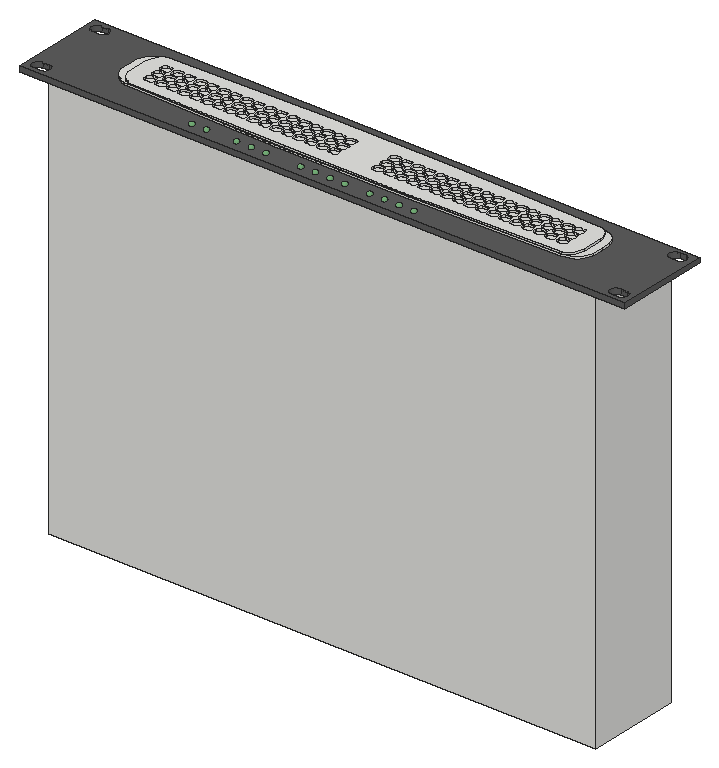
Revit family "Electronics_Amplifiers_Biamp_Vocia_VA-2060e__", category Communication Devices, host Face, Revit 2020
Family settings
  Host = Face
  Maintain Annotation Orientation = No
  Round Connector Dimension = Use Diameter
  Part Type = Normal
  OmniClass Number = 23.85.10.11.14.14.17
  OmniClass Title = Sound Amplifiers
  Cut with Voids When Loaded = Yes
  Shared = No
  Room Calculation Point = No
Parameters (values of type "VA-2060e")
  Width = 19.00"  # constant formula
  Weight = 24.90 lbf  # constant formula
  Voltage = 120 V
  URL = "https://www.biamp.com/"
  Total Output Power = "2 x 60W RMS, 120W maximum"  # constant formula
  Temperature Range = "23 - 104° F (-5 - 40° C)"  # constant formula
  THD+N = "50Hz-100Hz: < 0.5%; 100Hz-10kHz: < 0.3%"  # constant formula
  Signal to Noise Ratio = "> 88 dB, unweighted"  # constant formula
  Product data url = "https://www.bimobject.com/biamp/product/vocia-va-2060e_amplifier"
  Product Page URL = "https://www.biamp.com/products/product-families/vocia/vocia-amplifiers#vocia-va-2060e"
  Product Documentation Link = "https://downloads.biamp.com/assets/docs/default-source/data-sheets/biamp_data_sheet_vocia_va-2060e_oct18.pdf"
  Power Factor = 1
  Number of Poles = 1
  Network Connection = "RJ-45 with shielded Ethernet (CAT5, CAT5e, CAT6 or CAT7"  # constant formula
  Model = "Vocia VA-2060e"  # constant formula
  Memory = "5.625 MB"  # constant formula
  Max Power Consumption = 60 W
  Manufacturer = "Biamp"  # constant formula
  Inputs = "20 bits, 48 kHz, 5-1/3 ms (fixed)"  # constant formula
  Humidity = "0-95% relative humidity (non-condensing)"  # constant formula
  Housing Material = Biamp - Metal - Silver
  Height = 3.25"  # constant formula
  Frequency Response = "± 2dB"  # constant formula
  Description = "Vocia® VA-2060e Amplifier"  # constant formula
  Depth = 14.19922"  # constant formula
  Default Elevation = 48.00"
  Connector Description = "100-240VAC; 50/60Hz"  # constant formula
  Compliance = "EN 54-16 certified FCC Part 15B (USA) CE marked (Europe) RCM (Australia) EAC (Eurasian Customs Union) RoHS. Directive (Europe) RINA (Italy) EN 60849, AS 60849 verified"  # constant formula
  Back Panel = yes
  Assembly Code = ""
  Apparent Load = Max Power Consumption / Power Factor  # 60 VA
  Altitude = "0-10,000 ft (0-3000m) MSL"  # constant formula
Reference planes (in)
  plane 1 "Center (Front/Back)": y = 0
  plane 2: z = 0
  plane 3 "Center (Left/Right)": x = 0
  plane 4: y = 1.625
  plane 5: y = -1.625
  plane 6: x = 20.06192
  plane 7: y = 1.28165
  plane 8: y = -1.28041
Dimensions and locks (in)
  equal spacing: plane 5, plane 1 "Center (Front/Back)", plane 4
  "Height": plane 5 to plane 4
  aligned and locked: plane 2 to host face
  aligned and locked: level to host face
Automatic sketch dimensions
  host sketch curve to host sketch curve = 96.00"  (x2)
Nested families (in)
  nested 1: "VA-2060" at (10.03141, -1.625, -6.93265) x (1, 0, 0) z (0, 1, 0), type "VA-2060"
Connectors (in)
  electrical at (17.57593, 0.29866, -13.7612), driven by "Number of Poles", driven by "Voltage", driven by "Apparent Load", driven by "Power Factor", driven by "Connector Description"
    settings: on nested 1, index 1, voltage 120 V, apparent load 0 VA, apparent load phase1 60 VA, apparent load phase2 0 VA, apparent load phase3 0 VA, power factor 1, load classification "Other", number of poles 1, system type 31, power factor state 1, is connector primary yes, connector utility no, sub classification motor no, connector description "100-240VAC; 50/60Hz"
  electrical at (13.83873, -0.98373, -13.7612)
    settings: on nested 1, index 4, voltage 0 V, apparent load 0 VA, apparent load phase1 0 VA, apparent load phase2 0 VA, apparent load phase3 0 VA, power factor 1, load classification "Other", number of poles 1, system type 5, power factor state 1, is connector primary no, connector utility no, sub classification motor no, connector description "RJ-45; Primary"
  electrical at (13.05748, -0.98373, -13.7612)
    settings: on nested 1, index 5, voltage 0 V, apparent load 0 VA, apparent load phase1 0 VA, apparent load phase2 0 VA, apparent load phase3 0 VA, power factor 1, load classification "Other", number of poles 1, system type 5, power factor state 1, is connector primary no, connector utility no, sub classification motor no, connector description "RJ-45; Secondary"
  electrical at (9.79695, -1.08764, -13.7612)
    settings: on nested 1, index 8, voltage 0 V, apparent load 0 VA, apparent load phase1 0 VA, apparent load phase2 0 VA, apparent load phase3 0 VA, power factor 1, load classification "Other", number of poles 1, system type 5, power factor state 1, is connector primary no, connector utility no, sub classification motor no, connector description "Page Active Relay 2b"
  electrical at (9.31542, -1.08764, -13.7612)
    settings: on nested 1, index 9, voltage 0 V, apparent load 0 VA, apparent load phase1 0 VA, apparent load phase2 0 VA, apparent load phase3 0 VA, power factor 1, load classification "Other", number of poles 1, system type 5, power factor state 1, is connector primary no, connector utility no, sub classification motor no, connector description "Page Active Relay 2a"
  electrical at (8.83526, -1.08764, -13.7612)
    settings: on nested 1, index 10, voltage 0 V, apparent load 0 VA, apparent load phase1 0 VA, apparent load phase2 0 VA, apparent load phase3 0 VA, power factor 1, load classification "Other", number of poles 1, system type 5, power factor state 1, is connector primary no, connector utility no, sub classification motor no, connector description "Page Active Relay 1b"
  electrical at (8.3526, -1.08764, -13.7612)
    settings: on nested 1, index 11, voltage 0 V, apparent load 0 VA, apparent load phase1 0 VA, apparent load phase2 0 VA, apparent load phase3 0 VA, power factor 1, load classification "Other", number of poles 1, system type 5, power factor state 1, is connector primary no, connector utility no, sub classification motor no, connector description "Page Active Relay 1a"
  electrical at (2.62594, -0.80499, -13.7612)
    settings: on nested 1, index 13, voltage 0 V, apparent load 0 VA, apparent load phase1 0 VA, apparent load phase2 0 VA, apparent load phase3 0 VA, power factor 1, load classification "Other", number of poles 1, system type 5, power factor state 1, is connector primary no, connector utility no, sub classification motor no, connector description "Output 2"
  electrical at (1.32818, -0.80499, -13.7612)
    settings: on nested 1, index 14, voltage 0 V, apparent load 0 VA, apparent load phase1 0 VA, apparent load phase2 0 VA, apparent load phase3 0 VA, power factor 1, load classification "Other", number of poles 1, system type 5, power factor state 1, is connector primary no, connector utility no, sub classification motor no, connector description "Output 1"
  electrical at (17.27012, -0.98373, -13.7612), driven by "Power Factor", driven by "Number of Poles"
    settings: on nested 1, index 15, voltage 24 V, apparent load 0 VA, apparent load phase1 0 VA, apparent load phase2 0 VA, apparent load phase3 0 VA, power factor 1, load classification "Other", number of poles 1, system type 30, power factor state 1, is connector primary no, connector utility no, sub classification motor no, connector description "Auxiliary Power 2; 24V DC"
  electrical at (16.70334, -0.98373, -13.7612), driven by "Power Factor", driven by "Number of Poles"
    settings: on nested 1, index 16, voltage 24 V, apparent load 0 VA, apparent load phase1 0 VA, apparent load phase2 0 VA, apparent load phase3 0 VA, power factor 1, load classification "Other", number of poles 1, system type 30, power factor state 1, is connector primary no, connector utility no, sub classification motor no, connector description "Auxiliary Power 1; 24V DC"
  electrical at (9.63519, -0.36213, -13.7612)
    settings: on nested 1, index 17, voltage 0 V, apparent load 0 VA, apparent load phase1 0 VA, apparent load phase2 0 VA, apparent load phase3 0 VA, power factor 1, load classification "Other", number of poles 1, system type 5, power factor state 1, is connector primary no, connector utility no, sub classification motor no, connector description "Analog Input 2"
  electrical at (8.74724, -0.36213, -13.7612)
    settings: on nested 1, index 18, voltage 0 V, apparent load 0 VA, apparent load phase1 0 VA, apparent load phase2 0 VA, apparent load phase3 0 VA, power factor 1, load classification "Other", number of poles 1, system type 5, power factor state 1, is connector primary no, connector utility no, sub classification motor no, connector description "Analog Input 1"
  electrical at (7.53015, -0.99844, -13.7612)
    settings: on nested 1, index 19, voltage 0 V, apparent load 0 VA, apparent load phase1 0 VA, apparent load phase2 0 VA, apparent load phase3 0 VA, power factor 1, load classification "Other", number of poles 1, system type 5, power factor state 1, is connector primary no, connector utility no, sub classification motor no, connector description "Failover"
Definition of nested family "VA-2060"
  Parameters (values of type "VA-2060")
    URL = ""
    Model = ""
    Material 2 = none
    Manufacturer = ""
    Housing Material = none
    Description = ""
    Default Elevation = 48.00"
    Case = yes
    Back Panel = no
    Assembly Code = ""
  Reference planes (in)
    plane 1 "Center (Front/Back)": y = 0
    plane 2: z = 0
    plane 3 "Center (Left/Right)": x = 0
  Forms (in)
    Extrusion 1, solid
      sketch origin (0, 0, 0) x (1, 0, 0) y (0, 1, 0)
        loop
          line (-48, 48) -> (-48, -48) -> (48, -48) -> (48, 48) -> (-48, 48)
      from 0 to -12
    Extrusion 2, solid, material <- "Housing Material", visible <- "Case"
      sketch origin (0, 0, 0) x (1, 0, 0) y (0, 1, 0)
        loop
          line (-9.5, 7.09961) -> (-9.5, -6.93265) -> (9.5, -6.93265) -> (9.5, 7.09961) -> (-9.5, 7.09961)
      from 0 to 3.25
    Extrusion 3, solid
      sketch origin (0, 0, 0) x (1, 0, 0) y (0, 1, 0)
        loop
          line (-10.5, -7.09961) -> (10.5, -7.09961) -> (10.5, -6.93265) -> (-10.5, -6.93265) -> (-10.5, -7.09961)
      from 0 to 3.25
    Extrusion 4, solid, material <- "Housing Material", detail levels medium+fine
      sketch origin (0, 0, 0) x (1, 0, 0) y (0, 0, 1)
        loop
          arc (-0.58953, 2.21061) -> (-0.62863, 2.305) -> (-0.72301, 2.34409) r 0.13348
          line (-0.72301, 2.34409) -> (-0.81412, 2.34409)
          arc (-0.81412, 2.34409) -> (-0.90851, 2.305) -> (-0.9476, 2.21061) r 0.13348
          line (-0.9476, 2.21061) -> (-0.9476, 2.16963)
          arc (-0.9476, 2.16963) -> (-0.90669, 2.07086) -> (-0.80792, 2.02994) r 0.13968
          line (-0.80792, 2.02994) -> (-0.72922, 2.02994)
          arc (-0.72922, 2.02994) -> (-0.63044, 2.07086) -> (-0.58953, 2.16963) r 0.13968
          line (-0.58953, 2.16963) -> (-0.58953, 2.21061)
        loop
          arc (-0.98953, 2.21061) -> (-1.02863, 2.305) -> (-1.12301, 2.34409) r 0.13348
          line (-1.12301, 2.34409) -> (-1.21412, 2.34409)
          arc (-1.21412, 2.34409) -> (-1.30851, 2.305) -> (-1.3476, 2.21061) r 0.13348
          line (-1.3476, 2.21061) -> (-1.3476, 2.16963)
          arc (-1.3476, 2.16963) -> (-1.30669, 2.07086) -> (-1.20792, 2.02994) r 0.13968
          line (-1.20792, 2.02994) -> (-1.12922, 2.02994)
          arc (-1.12922, 2.02994) -> (-1.03044, 2.07086) -> (-0.98953, 2.16963) r 0.13968
          line (-0.98953, 2.16963) -> (-0.98953, 2.21061)
        loop
          arc (-1.38953, 2.21061) -> (-1.42863, 2.305) -> (-1.52301, 2.34409) r 0.13348
          line (-1.52301, 2.34409) -> (-1.61412, 2.34409)
          arc (-1.61412, 2.34409) -> (-1.70851, 2.305) -> (-1.7476, 2.21061) r 0.13348
          line (-1.7476, 2.21061) -> (-1.7476, 2.16963)
          arc (-1.7476, 2.16963) -> (-1.70669, 2.07086) -> (-1.60792, 2.02994) r 0.13968
          line (-1.60792, 2.02994) -> (-1.52922, 2.02994)
          arc (-1.52922, 2.02994) -> (-1.43044, 2.07086) -> (-1.38953, 2.16963) r 0.13968
          line (-1.38953, 2.16963) -> (-1.38953, 2.21061)
        loop
          arc (-1.78953, 2.21061) -> (-1.82863, 2.305) -> (-1.92301, 2.34409) r 0.13348
          line (-1.92301, 2.34409) -> (-2.01412, 2.34409)
          arc (-2.01412, 2.34409) -> (-2.10851, 2.305) -> (-2.1476, 2.21061) r 0.13348
          line (-2.1476, 2.21061) -> (-2.1476, 2.16963)
          arc (-2.1476, 2.16963) -> (-2.10669, 2.07086) -> (-2.00792, 2.02994) r 0.13968
          line (-2.00792, 2.02994) -> (-1.92922, 2.02994)
          arc (-1.92922, 2.02994) -> (-1.83044, 2.07086) -> (-1.78953, 2.16963) r 0.13968
          line (-1.78953, 2.16963) -> (-1.78953, 2.21061)
        loop
          arc (-2.18953, 2.21061) -> (-2.22863, 2.305) -> (-2.32301, 2.34409) r 0.13348
          line (-2.32301, 2.34409) -> (-2.41412, 2.34409)
          arc (-2.41412, 2.34409) -> (-2.50851, 2.305) -> (-2.5476, 2.21061) r 0.13348
          line (-2.5476, 2.21061) -> (-2.5476, 2.16963)
          arc (-2.5476, 2.16963) -> (-2.50669, 2.07086) -> (-2.40792, 2.02994) r 0.13968
          line (-2.40792, 2.02994) -> (-2.32922, 2.02994)
          arc (-2.32922, 2.02994) -> (-2.23044, 2.07086) -> (-2.18953, 2.16963) r 0.13968
          line (-2.18953, 2.16963) -> (-2.18953, 2.21061)
        loop
          arc (-2.58953, 2.21061) -> (-2.62863, 2.305) -> (-2.72301, 2.34409) r 0.13348
          line (-2.72301, 2.34409) -> (-2.81412, 2.34409)
          arc (-2.81412, 2.34409) -> (-2.90851, 2.305) -> (-2.9476, 2.21061) r 0.13348
          line (-2.9476, 2.21061) -> (-2.9476, 2.16963)
          arc (-2.9476, 2.16963) -> (-2.90669, 2.07086) -> (-2.80792, 2.02994) r 0.13968
          line (-2.80792, 2.02994) -> (-2.72922, 2.02994)
          arc (-2.72922, 2.02994) -> (-2.63044, 2.07086) -> (-2.58953, 2.16963) r 0.13968
          line (-2.58953, 2.16963) -> (-2.58953, 2.21061)
        loop
          arc (-2.98953, 2.21061) -> (-3.02863, 2.305) -> (-3.12301, 2.34409) r 0.13348
          line (-3.12301, 2.34409) -> (-3.21412, 2.34409)
          arc (-3.21412, 2.34409) -> (-3.30851, 2.305) -> (-3.3476, 2.21061) r 0.13348
          line (-3.3476, 2.21061) -> (-3.3476, 2.16963)
          arc (-3.3476, 2.16963) -> (-3.30669, 2.07086) -> (-3.20792, 2.02994) r 0.13968
          line (-3.20792, 2.02994) -> (-3.12922, 2.02994)
          arc (-3.12922, 2.02994) -> (-3.03044, 2.07086) -> (-2.98953, 2.16963) r 0.13968
          line (-2.98953, 2.16963) -> (-2.98953, 2.21061)
        loop
          arc (-3.38953, 2.21061) -> (-3.42863, 2.305) -> (-3.52301, 2.34409) r 0.13348
          line (-3.52301, 2.34409) -> (-3.61412, 2.34409)
          arc (-3.61412, 2.34409) -> (-3.70851, 2.305) -> (-3.7476, 2.21061) r 0.13348
          line (-3.7476, 2.21061) -> (-3.7476, 2.16963)
          arc (-3.7476, 2.16963) -> (-3.70669, 2.07086) -> (-3.60792, 2.02994) r 0.13968
          line (-3.60792, 2.02994) -> (-3.52922, 2.02994)
          arc (-3.52922, 2.02994) -> (-3.43044, 2.07086) -> (-3.38953, 2.16963) r 0.13968
          line (-3.38953, 2.16963) -> (-3.38953, 2.21061)
        loop
          arc (-3.78953, 2.21061) -> (-3.82863, 2.305) -> (-3.92301, 2.34409) r 0.13348
          line (-3.92301, 2.34409) -> (-4.01412, 2.34409)
          arc (-4.01412, 2.34409) -> (-4.10851, 2.305) -> (-4.1476, 2.21061) r 0.13348
          line (-4.1476, 2.21061) -> (-4.1476, 2.16963)
          arc (-4.1476, 2.16963) -> (-4.10669, 2.07086) -> (-4.00792, 2.02994) r 0.13968
          line (-4.00792, 2.02994) -> (-3.92922, 2.02994)
          arc (-3.92922, 2.02994) -> (-3.83044, 2.07086) -> (-3.78953, 2.16963) r 0.13968
          line (-3.78953, 2.16963) -> (-3.78953, 2.21061)
        loop
          arc (-4.18953, 2.21061) -> (-4.22863, 2.305) -> (-4.32301, 2.34409) r 0.13348
          line (-4.32301, 2.34409) -> (-4.41412, 2.34409)
          arc (-4.41412, 2.34409) -> (-4.50851, 2.305) -> (-4.5476, 2.21061) r 0.13348
          line (-4.5476, 2.21061) -> (-4.5476, 2.16963)
          arc (-4.5476, 2.16963) -> (-4.50669, 2.07086) -> (-4.40792, 2.02994) r 0.13968
          line (-4.40792, 2.02994) -> (-4.32922, 2.02994)
          arc (-4.32922, 2.02994) -> (-4.23044, 2.07086) -> (-4.18953, 2.16963) r 0.13968
          line (-4.18953, 2.16963) -> (-4.18953, 2.21061)
        loop
          arc (-4.58953, 2.21061) -> (-4.62863, 2.305) -> (-4.72301, 2.34409) r 0.13348
          line (-4.72301, 2.34409) -> (-4.81412, 2.34409)
          arc (-4.81412, 2.34409) -> (-4.90851, 2.305) -> (-4.9476, 2.21061) r 0.13348
          line (-4.9476, 2.21061) -> (-4.9476, 2.16963)
          arc (-4.9476, 2.16963) -> (-4.90669, 2.07086) -> (-4.80792, 2.02994) r 0.13968
          line (-4.80792, 2.02994) -> (-4.72922, 2.02994)
          arc (-4.72922, 2.02994) -> (-4.63044, 2.07086) -> (-4.58953, 2.16963) r 0.13968
          line (-4.58953, 2.16963) -> (-4.58953, 2.21061)
        loop
          arc (-4.98953, 2.21061) -> (-5.02863, 2.305) -> (-5.12301, 2.34409) r 0.13348
          line (-5.12301, 2.34409) -> (-5.21412, 2.34409)
          arc (-5.21412, 2.34409) -> (-5.30851, 2.305) -> (-5.3476, 2.21061) r 0.13348
          line (-5.3476, 2.21061) -> (-5.3476, 2.16963)
          arc (-5.3476, 2.16963) -> (-5.30669, 2.07086) -> (-5.20792, 2.02994) r 0.13968
          line (-5.20792, 2.02994) -> (-5.12922, 2.02994)
          arc (-5.12922, 2.02994) -> (-5.03044, 2.07086) -> (-4.98953, 2.16963) r 0.13968
          line (-4.98953, 2.16963) -> (-4.98953, 2.21061)
        loop
          arc (-5.38953, 2.21061) -> (-5.42863, 2.305) -> (-5.52301, 2.34409) r 0.13348
          line (-5.52301, 2.34409) -> (-5.61412, 2.34409)
          arc (-5.61412, 2.34409) -> (-5.70851, 2.305) -> (-5.7476, 2.21061) r 0.13348
          line (-5.7476, 2.21061) -> (-5.7476, 2.16963)
          arc (-5.7476, 2.16963) -> (-5.70669, 2.07086) -> (-5.60792, 2.02994) r 0.13968
          line (-5.60792, 2.02994) -> (-5.52922, 2.02994)
          arc (-5.52922, 2.02994) -> (-5.43044, 2.07086) -> (-5.38953, 2.16963) r 0.13968
          line (-5.38953, 2.16963) -> (-5.38953, 2.21061)
        loop
          arc (-5.78953, 2.21061) -> (-5.82863, 2.305) -> (-5.92301, 2.34409) r 0.13348
          line (-5.92301, 2.34409) -> (-6.01412, 2.34409)
          arc (-6.01412, 2.34409) -> (-6.10851, 2.305) -> (-6.1476, 2.21061) r 0.13348
          line (-6.1476, 2.21061) -> (-6.1476, 2.16963)
          arc (-6.1476, 2.16963) -> (-6.10669, 2.07086) -> (-6.00792, 2.02994) r 0.13968
          line (-6.00792, 2.02994) -> (-5.92922, 2.02994)
          arc (-5.92922, 2.02994) -> (-5.83044, 2.07086) -> (-5.78953, 2.16963) r 0.13968
          line (-5.78953, 2.16963) -> (-5.78953, 2.21061)
        loop
          arc (-6.18953, 2.21061) -> (-6.22863, 2.305) -> (-6.32301, 2.34409) r 0.13348
          line (-6.32301, 2.34409) -> (-6.41412, 2.34409)
          arc (-6.41412, 2.34409) -> (-6.50851, 2.305) -> (-6.5476, 2.21061) r 0.13348
          line (-6.5476, 2.21061) -> (-6.5476, 2.16963)
          arc (-6.5476, 2.16963) -> (-6.50669, 2.07086) -> (-6.40792, 2.02994) r 0.13968
          line (-6.40792, 2.02994) -> (-6.32922, 2.02994)
          arc (-6.32922, 2.02994) -> (-6.23044, 2.07086) -> (-6.18953, 2.16963) r 0.13968
          line (-6.18953, 2.16963) -> (-6.18953, 2.21061)
        loop
          arc (-6.58953, 2.21061) -> (-6.62863, 2.305) -> (-6.72301, 2.34409) r 0.13348
          line (-6.72301, 2.34409) -> (-6.81412, 2.34409)
          arc (-6.81412, 2.34409) -> (-6.90851, 2.305) -> (-6.9476, 2.21061) r 0.13348
          line (-6.9476, 2.21061) -> (-6.9476, 2.16963)
          arc (-6.9476, 2.16963) -> (-6.90669, 2.07086) -> (-6.80792, 2.02994) r 0.13968
          line (-6.80792, 2.02994) -> (-6.72922, 2.02994)
          arc (-6.72922, 2.02994) -> (-6.63044, 2.07086) -> (-6.58953, 2.16963) r 0.13968
          line (-6.58953, 2.16963) -> (-6.58953, 2.21061)
        loop
          arc (-6.98953, 2.21061) -> (-7.02863, 2.305) -> (-7.12301, 2.34409) r 0.13348
          line (-7.12301, 2.34409) -> (-7.21412, 2.34409)
          arc (-7.21412, 2.34409) -> (-7.30851, 2.305) -> (-7.3476, 2.21061) r 0.13348
          line (-7.3476, 2.21061) -> (-7.3476, 2.16963)
          arc (-7.3476, 2.16963) -> (-7.30669, 2.07086) -> (-7.20792, 2.02994) r 0.13968
          line (-7.20792, 2.02994) -> (-7.12922, 2.02994)
          arc (-7.12922, 2.02994) -> (-7.03044, 2.07086) -> (-6.98953, 2.16963) r 0.13968
          line (-6.98953, 2.16963) -> (-6.98953, 2.21061)
        loop
          arc (-0.58953, 1.86061) -> (-0.62863, 1.955) -> (-0.72301, 1.99409) r 0.13348
          line (-0.72301, 1.99409) -> (-0.81412, 1.99409)
          arc (-0.81412, 1.99409) -> (-0.90851, 1.955) -> (-0.9476, 1.86061) r 0.13348
          line (-0.9476, 1.86061) -> (-0.9476, 1.81963)
          arc (-0.9476, 1.81963) -> (-0.90669, 1.72086) -> (-0.80792, 1.67994) r 0.13968
          line (-0.80792, 1.67994) -> (-0.72922, 1.67994)
          arc (-0.72922, 1.67994) -> (-0.63044, 1.72086) -> (-0.58953, 1.81963) r 0.13968
          line (-0.58953, 1.81963) -> (-0.58953, 1.86061)
        loop
          arc (-0.98953, 1.86061) -> (-1.02863, 1.955) -> (-1.12301, 1.99409) r 0.13348
          line (-1.12301, 1.99409) -> (-1.21412, 1.99409)
          arc (-1.21412, 1.99409) -> (-1.30851, 1.955) -> (-1.3476, 1.86061) r 0.13348
          line (-1.3476, 1.86061) -> (-1.3476, 1.81963)
          arc (-1.3476, 1.81963) -> (-1.30669, 1.72086) -> (-1.20792, 1.67994) r 0.13968
          line (-1.20792, 1.67994) -> (-1.12922, 1.67994)
          arc (-1.12922, 1.67994) -> (-1.03044, 1.72086) -> (-0.98953, 1.81963) r 0.13968
          line (-0.98953, 1.81963) -> (-0.98953, 1.86061)
        loop
          arc (-1.38953, 1.86061) -> (-1.42863, 1.955) -> (-1.52301, 1.99409) r 0.13348
          line (-1.52301, 1.99409) -> (-1.61412, 1.99409)
          arc (-1.61412, 1.99409) -> (-1.70851, 1.955) -> (-1.7476, 1.86061) r 0.13348
          line (-1.7476, 1.86061) -> (-1.7476, 1.81963)
          arc (-1.7476, 1.81963) -> (-1.70669, 1.72086) -> (-1.60792, 1.67994) r 0.13968
          line (-1.60792, 1.67994) -> (-1.52922, 1.67994)
          arc (-1.52922, 1.67994) -> (-1.43044, 1.72086) -> (-1.38953, 1.81963) r 0.13968
          line (-1.38953, 1.81963) -> (-1.38953, 1.86061)
        loop
          arc (-1.78953, 1.86061) -> (-1.82863, 1.955) -> (-1.92301, 1.99409) r 0.13348
          line (-1.92301, 1.99409) -> (-2.01412, 1.99409)
          arc (-2.01412, 1.99409) -> (-2.10851, 1.955) -> (-2.1476, 1.86061) r 0.13348
          line (-2.1476, 1.86061) -> (-2.1476, 1.81963)
          arc (-2.1476, 1.81963) -> (-2.10669, 1.72086) -> (-2.00792, 1.67994) r 0.13968
          line (-2.00792, 1.67994) -> (-1.92922, 1.67994)
          arc (-1.92922, 1.67994) -> (-1.83044, 1.72086) -> (-1.78953, 1.81963) r 0.13968
          line (-1.78953, 1.81963) -> (-1.78953, 1.86061)
        loop
          arc (-2.18953, 1.86061) -> (-2.22863, 1.955) -> (-2.32301, 1.99409) r 0.13348
          line (-2.32301, 1.99409) -> (-2.41412, 1.99409)
          arc (-2.41412, 1.99409) -> (-2.50851, 1.955) -> (-2.5476, 1.86061) r 0.13348
          line (-2.5476, 1.86061) -> (-2.5476, 1.81963)
          arc (-2.5476, 1.81963) -> (-2.50669, 1.72086) -> (-2.40792, 1.67994) r 0.13968
          line (-2.40792, 1.67994) -> (-2.32922, 1.67994)
          arc (-2.32922, 1.67994) -> (-2.23044, 1.72086) -> (-2.18953, 1.81963) r 0.13968
          line (-2.18953, 1.81963) -> (-2.18953, 1.86061)
        loop
          arc (-2.58953, 1.86061) -> (-2.62863, 1.955) -> (-2.72301, 1.99409) r 0.13348
          line (-2.72301, 1.99409) -> (-2.81412, 1.99409)
          arc (-2.81412, 1.99409) -> (-2.90851, 1.955) -> (-2.9476, 1.86061) r 0.13348
          line (-2.9476, 1.86061) -> (-2.9476, 1.81963)
          arc (-2.9476, 1.81963) -> (-2.90669, 1.72086) -> (-2.80792, 1.67994) r 0.13968
          line (-2.80792, 1.67994) -> (-2.72922, 1.67994)
          arc (-2.72922, 1.67994) -> (-2.63044, 1.72086) -> (-2.58953, 1.81963) r 0.13968
          line (-2.58953, 1.81963) -> (-2.58953, 1.86061)
        loop
          arc (-2.98953, 1.86061) -> (-3.02863, 1.955) -> (-3.12301, 1.99409) r 0.13348
          line (-3.12301, 1.99409) -> (-3.21412, 1.99409)
          arc (-3.21412, 1.99409) -> (-3.30851, 1.955) -> (-3.3476, 1.86061) r 0.13348
          line (-3.3476, 1.86061) -> (-3.3476, 1.81963)
          arc (-3.3476, 1.81963) -> (-3.30669, 1.72086) -> (-3.20792, 1.67994) r 0.13968
          line (-3.20792, 1.67994) -> (-3.12922, 1.67994)
          arc (-3.12922, 1.67994) -> (-3.03044, 1.72086) -> (-2.98953, 1.81963) r 0.13968
          line (-2.98953, 1.81963) -> (-2.98953, 1.86061)
        loop
          arc (-3.38953, 1.86061) -> (-3.42863, 1.955) -> (-3.52301, 1.99409) r 0.13348
          line (-3.52301, 1.99409) -> (-3.61412, 1.99409)
          arc (-3.61412, 1.99409) -> (-3.70851, 1.955) -> (-3.7476, 1.86061) r 0.13348
          line (-3.7476, 1.86061) -> (-3.7476, 1.81963)
          arc (-3.7476, 1.81963) -> (-3.70669, 1.72086) -> (-3.60792, 1.67994) r 0.13968
          line (-3.60792, 1.67994) -> (-3.52922, 1.67994)
          arc (-3.52922, 1.67994) -> (-3.43044, 1.72086) -> (-3.38953, 1.81963) r 0.13968
          line (-3.38953, 1.81963) -> (-3.38953, 1.86061)
        loop
          arc (-3.78953, 1.86061) -> (-3.82863, 1.955) -> (-3.92301, 1.99409) r 0.13348
          line (-3.92301, 1.99409) -> (-4.01412, 1.99409)
          arc (-4.01412, 1.99409) -> (-4.10851, 1.955) -> (-4.1476, 1.86061) r 0.13348
          line (-4.1476, 1.86061) -> (-4.1476, 1.81963)
          arc (-4.1476, 1.81963) -> (-4.10669, 1.72086) -> (-4.00792, 1.67994) r 0.13968
          line (-4.00792, 1.67994) -> (-3.92922, 1.67994)
          arc (-3.92922, 1.67994) -> (-3.83044, 1.72086) -> (-3.78953, 1.81963) r 0.13968
          line (-3.78953, 1.81963) -> (-3.78953, 1.86061)
        loop
          arc (-4.18953, 1.86061) -> (-4.22863, 1.955) -> (-4.32301, 1.99409) r 0.13348
          line (-4.32301, 1.99409) -> (-4.41412, 1.99409)
          arc (-4.41412, 1.99409) -> (-4.50851, 1.955) -> (-4.5476, 1.86061) r 0.13348
          line (-4.5476, 1.86061) -> (-4.5476, 1.81963)
          arc (-4.5476, 1.81963) -> (-4.50669, 1.72086) -> (-4.40792, 1.67994) r 0.13968
          line (-4.40792, 1.67994) -> (-4.32922, 1.67994)
          arc (-4.32922, 1.67994) -> (-4.23044, 1.72086) -> (-4.18953, 1.81963) r 0.13968
          line (-4.18953, 1.81963) -> (-4.18953, 1.86061)
        loop
          arc (-4.58953, 1.86061) -> (-4.62863, 1.955) -> (-4.72301, 1.99409) r 0.13348
          line (-4.72301, 1.99409) -> (-4.81412, 1.99409)
          arc (-4.81412, 1.99409) -> (-4.90851, 1.955) -> (-4.9476, 1.86061) r 0.13348
          line (-4.9476, 1.86061) -> (-4.9476, 1.81963)
          arc (-4.9476, 1.81963) -> (-4.90669, 1.72086) -> (-4.80792, 1.67994) r 0.13968
          line (-4.80792, 1.67994) -> (-4.72922, 1.67994)
          arc (-4.72922, 1.67994) -> (-4.63044, 1.72086) -> (-4.58953, 1.81963) r 0.13968
          line (-4.58953, 1.81963) -> (-4.58953, 1.86061)
        loop
          arc (-4.98953, 1.86061) -> (-5.02863, 1.955) -> (-5.12301, 1.99409) r 0.13348
          line (-5.12301, 1.99409) -> (-5.21412, 1.99409)
          arc (-5.21412, 1.99409) -> (-5.30851, 1.955) -> (-5.3476, 1.86061) r 0.13348
          line (-5.3476, 1.86061) -> (-5.3476, 1.81963)
          arc (-5.3476, 1.81963) -> (-5.30669, 1.72086) -> (-5.20792, 1.67994) r 0.13968
          line (-5.20792, 1.67994) -> (-5.12922, 1.67994)
          arc (-5.12922, 1.67994) -> (-5.03044, 1.72086) -> (-4.98953, 1.81963) r 0.13968
          line (-4.98953, 1.81963) -> (-4.98953, 1.86061)
        loop
          arc (-5.38953, 1.86061) -> (-5.42863, 1.955) -> (-5.52301, 1.99409) r 0.13348
          line (-5.52301, 1.99409) -> (-5.61412, 1.99409)
          arc (-5.61412, 1.99409) -> (-5.70851, 1.955) -> (-5.7476, 1.86061) r 0.13348
          line (-5.7476, 1.86061) -> (-5.7476, 1.81963)
          arc (-5.7476, 1.81963) -> (-5.70669, 1.72086) -> (-5.60792, 1.67994) r 0.13968
          line (-5.60792, 1.67994) -> (-5.52922, 1.67994)
          arc (-5.52922, 1.67994) -> (-5.43044, 1.72086) -> (-5.38953, 1.81963) r 0.13968
          line (-5.38953, 1.81963) -> (-5.38953, 1.86061)
        loop
          arc (-5.78953, 1.86061) -> (-5.82863, 1.955) -> (-5.92301, 1.99409) r 0.13348
          line (-5.92301, 1.99409) -> (-6.01412, 1.99409)
          arc (-6.01412, 1.99409) -> (-6.10851, 1.955) -> (-6.1476, 1.86061) r 0.13348
          line (-6.1476, 1.86061) -> (-6.1476, 1.81963)
          arc (-6.1476, 1.81963) -> (-6.10669, 1.72086) -> (-6.00792, 1.67994) r 0.13968
          line (-6.00792, 1.67994) -> (-5.92922, 1.67994)
          arc (-5.92922, 1.67994) -> (-5.83044, 1.72086) -> (-5.78953, 1.81963) r 0.13968
          line (-5.78953, 1.81963) -> (-5.78953, 1.86061)
        loop
          arc (-6.18953, 1.86061) -> (-6.22863, 1.955) -> (-6.32301, 1.99409) r 0.13348
          line (-6.32301, 1.99409) -> (-6.41412, 1.99409)
          arc (-6.41412, 1.99409) -> (-6.50851, 1.955) -> (-6.5476, 1.86061) r 0.13348
          line (-6.5476, 1.86061) -> (-6.5476, 1.81963)
          arc (-6.5476, 1.81963) -> (-6.50669, 1.72086) -> (-6.40792, 1.67994) r 0.13968
          line (-6.40792, 1.67994) -> (-6.32922, 1.67994)
          arc (-6.32922, 1.67994) -> (-6.23044, 1.72086) -> (-6.18953, 1.81963) r 0.13968
          line (-6.18953, 1.81963) -> (-6.18953, 1.86061)
        loop
          arc (-6.58953, 1.86061) -> (-6.62863, 1.955) -> (-6.72301, 1.99409) r 0.13348
          line (-6.72301, 1.99409) -> (-6.81412, 1.99409)
          arc (-6.81412, 1.99409) -> (-6.90851, 1.955) -> (-6.9476, 1.86061) r 0.13348
          line (-6.9476, 1.86061) -> (-6.9476, 1.81963)
          arc (-6.9476, 1.81963) -> (-6.90669, 1.72086) -> (-6.80792, 1.67994) r 0.13968
          line (-6.80792, 1.67994) -> (-6.72922, 1.67994)
          arc (-6.72922, 1.67994) -> (-6.63044, 1.72086) -> (-6.58953, 1.81963) r 0.13968
          line (-6.58953, 1.81963) -> (-6.58953, 1.86061)
        loop
          arc (-6.98953, 1.86061) -> (-7.02863, 1.955) -> (-7.12301, 1.99409) r 0.13348
          line (-7.12301, 1.99409) -> (-7.21412, 1.99409)
          arc (-7.21412, 1.99409) -> (-7.30851, 1.955) -> (-7.3476, 1.86061) r 0.13348
          line (-7.3476, 1.86061) -> (-7.3476, 1.81963)
          arc (-7.3476, 1.81963) -> (-7.30669, 1.72086) -> (-7.20792, 1.67994) r 0.13968
          line (-7.20792, 1.67994) -> (-7.12922, 1.67994)
          arc (-7.12922, 1.67994) -> (-7.03044, 1.72086) -> (-6.98953, 1.81963) r 0.13968
          line (-6.98953, 1.81963) -> (-6.98953, 1.86061)
        loop
          arc (-0.58953, 1.51061) -> (-0.62863, 1.605) -> (-0.72301, 1.64409) r 0.13348
          line (-0.72301, 1.64409) -> (-0.81412, 1.64409)
          arc (-0.81412, 1.64409) -> (-0.90851, 1.605) -> (-0.9476, 1.51061) r 0.13348
          line (-0.9476, 1.51061) -> (-0.9476, 1.46963)
          arc (-0.9476, 1.46963) -> (-0.90669, 1.37086) -> (-0.80792, 1.32994) r 0.13968
          line (-0.80792, 1.32994) -> (-0.72922, 1.32994)
          arc (-0.72922, 1.32994) -> (-0.63044, 1.37086) -> (-0.58953, 1.46963) r 0.13968
          line (-0.58953, 1.46963) -> (-0.58953, 1.51061)
        loop
          arc (-0.98953, 1.51061) -> (-1.02863, 1.605) -> (-1.12301, 1.64409) r 0.13348
          line (-1.12301, 1.64409) -> (-1.21412, 1.64409)
          arc (-1.21412, 1.64409) -> (-1.30851, 1.605) -> (-1.3476, 1.51061) r 0.13348
          line (-1.3476, 1.51061) -> (-1.3476, 1.46963)
          arc (-1.3476, 1.46963) -> (-1.30669, 1.37086) -> (-1.20792, 1.32994) r 0.13968
          line (-1.20792, 1.32994) -> (-1.12922, 1.32994)
          arc (-1.12922, 1.32994) -> (-1.03044, 1.37086) -> (-0.98953, 1.46963) r 0.13968
          line (-0.98953, 1.46963) -> (-0.98953, 1.51061)
        loop
          arc (-1.38953, 1.51061) -> (-1.42863, 1.605) -> (-1.52301, 1.64409) r 0.13348
          line (-1.52301, 1.64409) -> (-1.61412, 1.64409)
          arc (-1.61412, 1.64409) -> (-1.70851, 1.605) -> (-1.7476, 1.51061) r 0.13348
          line (-1.7476, 1.51061) -> (-1.7476, 1.46963)
          arc (-1.7476, 1.46963) -> (-1.70669, 1.37086) -> (-1.60792, 1.32994) r 0.13968
          line (-1.60792, 1.32994) -> (-1.52922, 1.32994)
          arc (-1.52922, 1.32994) -> (-1.43044, 1.37086) -> (-1.38953, 1.46963) r 0.13968
          line (-1.38953, 1.46963) -> (-1.38953, 1.51061)
        loop
          arc (-1.78953, 1.51061) -> (-1.82863, 1.605) -> (-1.92301, 1.64409) r 0.13348
          line (-1.92301, 1.64409) -> (-2.01412, 1.64409)
          arc (-2.01412, 1.64409) -> (-2.10851, 1.605) -> (-2.1476, 1.51061) r 0.13348
          line (-2.1476, 1.51061) -> (-2.1476, 1.46963)
          arc (-2.1476, 1.46963) -> (-2.10669, 1.37086) -> (-2.00792, 1.32994) r 0.13968
          line (-2.00792, 1.32994) -> (-1.92922, 1.32994)
          arc (-1.92922, 1.32994) -> (-1.83044, 1.37086) -> (-1.78953, 1.46963) r 0.13968
          line (-1.78953, 1.46963) -> (-1.78953, 1.51061)
        loop
          arc (-2.18953, 1.51061) -> (-2.22863, 1.605) -> (-2.32301, 1.64409) r 0.13348
          line (-2.32301, 1.64409) -> (-2.41412, 1.64409)
          arc (-2.41412, 1.64409) -> (-2.50851, 1.605) -> (-2.5476, 1.51061) r 0.13348
          line (-2.5476, 1.51061) -> (-2.5476, 1.46963)
          arc (-2.5476, 1.46963) -> (-2.50669, 1.37086) -> (-2.40792, 1.32994) r 0.13968
          line (-2.40792, 1.32994) -> (-2.32922, 1.32994)
          arc (-2.32922, 1.32994) -> (-2.23044, 1.37086) -> (-2.18953, 1.46963) r 0.13968
          line (-2.18953, 1.46963) -> (-2.18953, 1.51061)
        loop
          arc (-2.58953, 1.51061) -> (-2.62863, 1.605) -> (-2.72301, 1.64409) r 0.13348
          line (-2.72301, 1.64409) -> (-2.81412, 1.64409)
          arc (-2.81412, 1.64409) -> (-2.90851, 1.605) -> (-2.9476, 1.51061) r 0.13348
          line (-2.9476, 1.51061) -> (-2.9476, 1.46963)
          arc (-2.9476, 1.46963) -> (-2.90669, 1.37086) -> (-2.80792, 1.32994) r 0.13968
          line (-2.80792, 1.32994) -> (-2.72922, 1.32994)
          arc (-2.72922, 1.32994) -> (-2.63044, 1.37086) -> (-2.58953, 1.46963) r 0.13968
          line (-2.58953, 1.46963) -> (-2.58953, 1.51061)
        loop
          arc (-2.98953, 1.51061) -> (-3.02863, 1.605) -> (-3.12301, 1.64409) r 0.13348
          line (-3.12301, 1.64409) -> (-3.21412, 1.64409)
          arc (-3.21412, 1.64409) -> (-3.30851, 1.605) -> (-3.3476, 1.51061) r 0.13348
          line (-3.3476, 1.51061) -> (-3.3476, 1.46963)
          arc (-3.3476, 1.46963) -> (-3.30669, 1.37086) -> (-3.20792, 1.32994) r 0.13968
          line (-3.20792, 1.32994) -> (-3.12922, 1.32994)
          arc (-3.12922, 1.32994) -> (-3.03044, 1.37086) -> (-2.98953, 1.46963) r 0.13968
          line (-2.98953, 1.46963) -> (-2.98953, 1.51061)
        loop
          arc (-3.38953, 1.51061) -> (-3.42863, 1.605) -> (-3.52301, 1.64409) r 0.13348
          line (-3.52301, 1.64409) -> (-3.61412, 1.64409)
          arc (-3.61412, 1.64409) -> (-3.70851, 1.605) -> (-3.7476, 1.51061) r 0.13348
          line (-3.7476, 1.51061) -> (-3.7476, 1.46963)
          arc (-3.7476, 1.46963) -> (-3.70669, 1.37086) -> (-3.60792, 1.32994) r 0.13968
          line (-3.60792, 1.32994) -> (-3.52922, 1.32994)
          arc (-3.52922, 1.32994) -> (-3.43044, 1.37086) -> (-3.38953, 1.46963) r 0.13968
          line (-3.38953, 1.46963) -> (-3.38953, 1.51061)
        loop
          arc (-3.78953, 1.51061) -> (-3.82863, 1.605) -> (-3.92301, 1.64409) r 0.13348
          line (-3.92301, 1.64409) -> (-4.01412, 1.64409)
          arc (-4.01412, 1.64409) -> (-4.10851, 1.605) -> (-4.1476, 1.51061) r 0.13348
          line (-4.1476, 1.51061) -> (-4.1476, 1.46963)
          arc (-4.1476, 1.46963) -> (-4.10669, 1.37086) -> (-4.00792, 1.32994) r 0.13968
          line (-4.00792, 1.32994) -> (-3.92922, 1.32994)
          arc (-3.92922, 1.32994) -> (-3.83044, 1.37086) -> (-3.78953, 1.46963) r 0.13968
          line (-3.78953, 1.46963) -> (-3.78953, 1.51061)
        loop
          arc (-4.18953, 1.51061) -> (-4.22863, 1.605) -> (-4.32301, 1.64409) r 0.13348
          line (-4.32301, 1.64409) -> (-4.41412, 1.64409)
          arc (-4.41412, 1.64409) -> (-4.50851, 1.605) -> (-4.5476, 1.51061) r 0.13348
          line (-4.5476, 1.51061) -> (-4.5476, 1.46963)
          arc (-4.5476, 1.46963) -> (-4.50669, 1.37086) -> (-4.40792, 1.32994) r 0.13968
          line (-4.40792, 1.32994) -> (-4.32922, 1.32994)
          arc (-4.32922, 1.32994) -> (-4.23044, 1.37086) -> (-4.18953, 1.46963) r 0.13968
          line (-4.18953, 1.46963) -> (-4.18953, 1.51061)
        loop
          arc (-4.58953, 1.51061) -> (-4.62863, 1.605) -> (-4.72301, 1.64409) r 0.13348
          line (-4.72301, 1.64409) -> (-4.81412, 1.64409)
          arc (-4.81412, 1.64409) -> (-4.90851, 1.605) -> (-4.9476, 1.51061) r 0.13348
          line (-4.9476, 1.51061) -> (-4.9476, 1.46963)
          arc (-4.9476, 1.46963) -> (-4.90669, 1.37086) -> (-4.80792, 1.32994) r 0.13968
          line (-4.80792, 1.32994) -> (-4.72922, 1.32994)
          arc (-4.72922, 1.32994) -> (-4.63044, 1.37086) -> (-4.58953, 1.46963) r 0.13968
          line (-4.58953, 1.46963) -> (-4.58953, 1.51061)
        loop
          arc (-4.98953, 1.51061) -> (-5.02863, 1.605) -> (-5.12301, 1.64409) r 0.13348
          line (-5.12301, 1.64409) -> (-5.21412, 1.64409)
          arc (-5.21412, 1.64409) -> (-5.30851, 1.605) -> (-5.3476, 1.51061) r 0.13348
          line (-5.3476, 1.51061) -> (-5.3476, 1.46963)
          arc (-5.3476, 1.46963) -> (-5.30669, 1.37086) -> (-5.20792, 1.32994) r 0.13968
          line (-5.20792, 1.32994) -> (-5.12922, 1.32994)
          arc (-5.12922, 1.32994) -> (-5.03044, 1.37086) -> (-4.98953, 1.46963) r 0.13968
          line (-4.98953, 1.46963) -> (-4.98953, 1.51061)
        loop
          arc (-5.38953, 1.51061) -> (-5.42863, 1.605) -> (-5.52301, 1.64409) r 0.13348
          line (-5.52301, 1.64409) -> (-5.61412, 1.64409)
          arc (-5.61412, 1.64409) -> (-5.70851, 1.605) -> (-5.7476, 1.51061) r 0.13348
          line (-5.7476, 1.51061) -> (-5.7476, 1.46963)
          arc (-5.7476, 1.46963) -> (-5.70669, 1.37086) -> (-5.60792, 1.32994) r 0.13968
          line (-5.60792, 1.32994) -> (-5.52922, 1.32994)
          arc (-5.52922, 1.32994) -> (-5.43044, 1.37086) -> (-5.38953, 1.46963) r 0.13968
          line (-5.38953, 1.46963) -> (-5.38953, 1.51061)
        loop
          arc (-5.78953, 1.51061) -> (-5.82863, 1.605) -> (-5.92301, 1.64409) r 0.13348
          line (-5.92301, 1.64409) -> (-6.01412, 1.64409)
          arc (-6.01412, 1.64409) -> (-6.10851, 1.605) -> (-6.1476, 1.51061) r 0.13348
          line (-6.1476, 1.51061) -> (-6.1476, 1.46963)
          arc (-6.1476, 1.46963) -> (-6.10669, 1.37086) -> (-6.00792, 1.32994) r 0.13968
          line (-6.00792, 1.32994) -> (-5.92922, 1.32994)
          arc (-5.92922, 1.32994) -> (-5.83044, 1.37086) -> (-5.78953, 1.46963) r 0.13968
          line (-5.78953, 1.46963) -> (-5.78953, 1.51061)
        loop
          arc (-6.18953, 1.51061) -> (-6.22863, 1.605) -> (-6.32301, 1.64409) r 0.13348
          line (-6.32301, 1.64409) -> (-6.41412, 1.64409)
          arc (-6.41412, 1.64409) -> (-6.50851, 1.605) -> (-6.5476, 1.51061) r 0.13348
          line (-6.5476, 1.51061) -> (-6.5476, 1.46963)
          arc (-6.5476, 1.46963) -> (-6.50669, 1.37086) -> (-6.40792, 1.32994) r 0.13968
          line (-6.40792, 1.32994) -> (-6.32922, 1.32994)
          arc (-6.32922, 1.32994) -> (-6.23044, 1.37086) -> (-6.18953, 1.46963) r 0.13968
          line (-6.18953, 1.46963) -> (-6.18953, 1.51061)
        loop
          arc (-6.58953, 1.51061) -> (-6.62863, 1.605) -> (-6.72301, 1.64409) r 0.13348
          line (-6.72301, 1.64409) -> (-6.81412, 1.64409)
          arc (-6.81412, 1.64409) -> (-6.90851, 1.605) -> (-6.9476, 1.51061) r 0.13348
          line (-6.9476, 1.51061) -> (-6.9476, 1.46963)
          arc (-6.9476, 1.46963) -> (-6.90669, 1.37086) -> (-6.80792, 1.32994) r 0.13968
          line (-6.80792, 1.32994) -> (-6.72922, 1.32994)
          arc (-6.72922, 1.32994) -> (-6.63044, 1.37086) -> (-6.58953, 1.46963) r 0.13968
          line (-6.58953, 1.46963) -> (-6.58953, 1.51061)
        loop
          arc (-6.98953, 1.51061) -> (-7.02863, 1.605) -> (-7.12301, 1.64409) r 0.13348
          line (-7.12301, 1.64409) -> (-7.21412, 1.64409)
          arc (-7.21412, 1.64409) -> (-7.30851, 1.605) -> (-7.3476, 1.51061) r 0.13348
          line (-7.3476, 1.51061) -> (-7.3476, 1.46963)
          arc (-7.3476, 1.46963) -> (-7.30669, 1.37086) -> (-7.20792, 1.32994) r 0.13968
          line (-7.20792, 1.32994) -> (-7.12922, 1.32994)
          arc (-7.12922, 1.32994) -> (-7.03044, 1.37086) -> (-6.98953, 1.46963) r 0.13968
          line (-6.98953, 1.46963) -> (-6.98953, 1.51061)
        loop
          line (0.58953, 2.21061) -> (0.58953, 2.16963)
          arc (0.58953, 2.16963) -> (0.63044, 2.07086) -> (0.72922, 2.02994) r 0.13968
          line (0.72922, 2.02994) -> (0.80792, 2.02994)
          arc (0.80792, 2.02994) -> (0.90669, 2.07086) -> (0.9476, 2.16963) r 0.13968
          line (0.9476, 2.16963) -> (0.9476, 2.21061)
          arc (0.9476, 2.21061) -> (0.90851, 2.305) -> (0.81412, 2.34409) r 0.13348
          line (0.81412, 2.34409) -> (0.72301, 2.34409)
          arc (0.72301, 2.34409) -> (0.62863, 2.305) -> (0.58953, 2.21061) r 0.13348
        loop
          line (0.98953, 2.21061) -> (0.98953, 2.16963)
          arc (0.98953, 2.16963) -> (1.03044, 2.07086) -> (1.12922, 2.02994) r 0.13968
          line (1.12922, 2.02994) -> (1.20792, 2.02994)
          arc (1.20792, 2.02994) -> (1.30669, 2.07086) -> (1.3476, 2.16963) r 0.13968
          line (1.3476, 2.16963) -> (1.3476, 2.21061)
          arc (1.3476, 2.21061) -> (1.30851, 2.305) -> (1.21412, 2.34409) r 0.13348
          line (1.21412, 2.34409) -> (1.12301, 2.34409)
          arc (1.12301, 2.34409) -> (1.02863, 2.305) -> (0.98953, 2.21061) r 0.13348
        loop
          line (1.38953, 2.21061) -> (1.38953, 2.16963)
          arc (1.38953, 2.16963) -> (1.43044, 2.07086) -> (1.52922, 2.02994) r 0.13968
          line (1.52922, 2.02994) -> (1.60792, 2.02994)
          arc (1.60792, 2.02994) -> (1.70669, 2.07086) -> (1.7476, 2.16963) r 0.13968
          line (1.7476, 2.16963) -> (1.7476, 2.21061)
          arc (1.7476, 2.21061) -> (1.70851, 2.305) -> (1.61412, 2.34409) r 0.13348
          line (1.61412, 2.34409) -> (1.52301, 2.34409)
          arc (1.52301, 2.34409) -> (1.42863, 2.305) -> (1.38953, 2.21061) r 0.13348
        loop
          line (1.78953, 2.21061) -> (1.78953, 2.16963)
          arc (1.78953, 2.16963) -> (1.83044, 2.07086) -> (1.92922, 2.02994) r 0.13968
          line (1.92922, 2.02994) -> (2.00792, 2.02994)
          arc (2.00792, 2.02994) -> (2.10669, 2.07086) -> (2.1476, 2.16963) r 0.13968
          line (2.1476, 2.16963) -> (2.1476, 2.21061)
          arc (2.1476, 2.21061) -> (2.10851, 2.305) -> (2.01412, 2.34409) r 0.13348
          line (2.01412, 2.34409) -> (1.92301, 2.34409)
          arc (1.92301, 2.34409) -> (1.82863, 2.305) -> (1.78953, 2.21061) r 0.13348
        loop
          line (2.18953, 2.21061) -> (2.18953, 2.16963)
          arc (2.18953, 2.16963) -> (2.23044, 2.07086) -> (2.32922, 2.02994) r 0.13968
          line (2.32922, 2.02994) -> (2.40792, 2.02994)
          arc (2.40792, 2.02994) -> (2.50669, 2.07086) -> (2.5476, 2.16963) r 0.13968
          line (2.5476, 2.16963) -> (2.5476, 2.21061)
          arc (2.5476, 2.21061) -> (2.50851, 2.305) -> (2.41412, 2.34409) r 0.13348
          line (2.41412, 2.34409) -> (2.32301, 2.34409)
          arc (2.32301, 2.34409) -> (2.22863, 2.305) -> (2.18953, 2.21061) r 0.13348
        loop
          line (2.58953, 2.21061) -> (2.58953, 2.16963)
          arc (2.58953, 2.16963) -> (2.63044, 2.07086) -> (2.72922, 2.02994) r 0.13968
          line (2.72922, 2.02994) -> (2.80792, 2.02994)
          arc (2.80792, 2.02994) -> (2.90669, 2.07086) -> (2.9476, 2.16963) r 0.13968
          line (2.9476, 2.16963) -> (2.9476, 2.21061)
          arc (2.9476, 2.21061) -> (2.90851, 2.305) -> (2.81412, 2.34409) r 0.13348
          line (2.81412, 2.34409) -> (2.72301, 2.34409)
          arc (2.72301, 2.34409) -> (2.62863, 2.305) -> (2.58953, 2.21061) r 0.13348
        loop
          line (2.98953, 2.21061) -> (2.98953, 2.16963)
          arc (2.98953, 2.16963) -> (3.03044, 2.07086) -> (3.12922, 2.02994) r 0.13968
          line (3.12922, 2.02994) -> (3.20792, 2.02994)
          arc (3.20792, 2.02994) -> (3.30669, 2.07086) -> (3.3476, 2.16963) r 0.13968
          line (3.3476, 2.16963) -> (3.3476, 2.21061)
          arc (3.3476, 2.21061) -> (3.30851, 2.305) -> (3.21412, 2.34409) r 0.13348
          line (3.21412, 2.34409) -> (3.12301, 2.34409)
          arc (3.12301, 2.34409) -> (3.02863, 2.305) -> (2.98953, 2.21061) r 0.13348
        loop
          line (3.38953, 2.21061) -> (3.38953, 2.16963)
          arc (3.38953, 2.16963) -> (3.43044, 2.07086) -> (3.52922, 2.02994) r 0.13968
          line (3.52922, 2.02994) -> (3.60792, 2.02994)
          arc (3.60792, 2.02994) -> (3.70669, 2.07086) -> (3.7476, 2.16963) r 0.13968
          line (3.7476, 2.16963) -> (3.7476, 2.21061)
          arc (3.7476, 2.21061) -> (3.70851, 2.305) -> (3.61412, 2.34409) r 0.13348
          line (3.61412, 2.34409) -> (3.52301, 2.34409)
          arc (3.52301, 2.34409) -> (3.42863, 2.305) -> (3.38953, 2.21061) r 0.13348
        loop
          line (3.78953, 2.21061) -> (3.78953, 2.16963)
          arc (3.78953, 2.16963) -> (3.83044, 2.07086) -> (3.92922, 2.02994) r 0.13968
          line (3.92922, 2.02994) -> (4.00792, 2.02994)
          arc (4.00792, 2.02994) -> (4.10669, 2.07086) -> (4.1476, 2.16963) r 0.13968
          line (4.1476, 2.16963) -> (4.1476, 2.21061)
          arc (4.1476, 2.21061) -> (4.10851, 2.305) -> (4.01412, 2.34409) r 0.13348
          line (4.01412, 2.34409) -> (3.92301, 2.34409)
          arc (3.92301, 2.34409) -> (3.82863, 2.305) -> (3.78953, 2.21061) r 0.13348
        loop
          line (4.18953, 2.21061) -> (4.18953, 2.16963)
          arc (4.18953, 2.16963) -> (4.23044, 2.07086) -> (4.32922, 2.02994) r 0.13968
          line (4.32922, 2.02994) -> (4.40792, 2.02994)
          arc (4.40792, 2.02994) -> (4.50669, 2.07086) -> (4.5476, 2.16963) r 0.13968
          line (4.5476, 2.16963) -> (4.5476, 2.21061)
          arc (4.5476, 2.21061) -> (4.50851, 2.305) -> (4.41412, 2.34409) r 0.13348
          line (4.41412, 2.34409) -> (4.32301, 2.34409)
          arc (4.32301, 2.34409) -> (4.22863, 2.305) -> (4.18953, 2.21061) r 0.13348
        loop
          line (4.58953, 2.21061) -> (4.58953, 2.16963)
          arc (4.58953, 2.16963) -> (4.63044, 2.07086) -> (4.72922, 2.02994) r 0.13968
          line (4.72922, 2.02994) -> (4.80792, 2.02994)
          arc (4.80792, 2.02994) -> (4.90669, 2.07086) -> (4.9476, 2.16963) r 0.13968
          line (4.9476, 2.16963) -> (4.9476, 2.21061)
          arc (4.9476, 2.21061) -> (4.90851, 2.305) -> (4.81412, 2.34409) r 0.13348
          line (4.81412, 2.34409) -> (4.72301, 2.34409)
          arc (4.72301, 2.34409) -> (4.62863, 2.305) -> (4.58953, 2.21061) r 0.13348
        loop
          line (4.98953, 2.21061) -> (4.98953, 2.16963)
          arc (4.98953, 2.16963) -> (5.03044, 2.07086) -> (5.12922, 2.02994) r 0.13968
          line (5.12922, 2.02994) -> (5.20792, 2.02994)
          arc (5.20792, 2.02994) -> (5.30669, 2.07086) -> (5.3476, 2.16963) r 0.13968
          line (5.3476, 2.16963) -> (5.3476, 2.21061)
          arc (5.3476, 2.21061) -> (5.30851, 2.305) -> (5.21412, 2.34409) r 0.13348
          line (5.21412, 2.34409) -> (5.12301, 2.34409)
          arc (5.12301, 2.34409) -> (5.02863, 2.305) -> (4.98953, 2.21061) r 0.13348
        loop
          line (5.38953, 2.21061) -> (5.38953, 2.16963)
          arc (5.38953, 2.16963) -> (5.43044, 2.07086) -> (5.52922, 2.02994) r 0.13968
          line (5.52922, 2.02994) -> (5.60792, 2.02994)
          arc (5.60792, 2.02994) -> (5.70669, 2.07086) -> (5.7476, 2.16963) r 0.13968
          line (5.7476, 2.16963) -> (5.7476, 2.21061)
          arc (5.7476, 2.21061) -> (5.70851, 2.305) -> (5.61412, 2.34409) r 0.13348
          line (5.61412, 2.34409) -> (5.52301, 2.34409)
          arc (5.52301, 2.34409) -> (5.42863, 2.305) -> (5.38953, 2.21061) r 0.13348
        loop
          line (5.78953, 2.21061) -> (5.78953, 2.16963)
          arc (5.78953, 2.16963) -> (5.83044, 2.07086) -> (5.92922, 2.02994) r 0.13968
          line (5.92922, 2.02994) -> (6.00792, 2.02994)
          arc (6.00792, 2.02994) -> (6.10669, 2.07086) -> (6.1476, 2.16963) r 0.13968
          line (6.1476, 2.16963) -> (6.1476, 2.21061)
          arc (6.1476, 2.21061) -> (6.10851, 2.305) -> (6.01412, 2.34409) r 0.13348
          line (6.01412, 2.34409) -> (5.92301, 2.34409)
          arc (5.92301, 2.34409) -> (5.82863, 2.305) -> (5.78953, 2.21061) r 0.13348
        loop
          line (6.18953, 2.21061) -> (6.18953, 2.16963)
          arc (6.18953, 2.16963) -> (6.23044, 2.07086) -> (6.32922, 2.02994) r 0.13968
          line (6.32922, 2.02994) -> (6.40792, 2.02994)
          arc (6.40792, 2.02994) -> (6.50669, 2.07086) -> (6.5476, 2.16963) r 0.13968
          line (6.5476, 2.16963) -> (6.5476, 2.21061)
          arc (6.5476, 2.21061) -> (6.50851, 2.305) -> (6.41412, 2.34409) r 0.13348
          line (6.41412, 2.34409) -> (6.32301, 2.34409)
          arc (6.32301, 2.34409) -> (6.22863, 2.305) -> (6.18953, 2.21061) r 0.13348
        loop
          line (6.58953, 2.21061) -> (6.58953, 2.16963)
          arc (6.58953, 2.16963) -> (6.63044, 2.07086) -> (6.72922, 2.02994) r 0.13968
          line (6.72922, 2.02994) -> (6.80792, 2.02994)
          arc (6.80792, 2.02994) -> (6.90669, 2.07086) -> (6.9476, 2.16963) r 0.13968
          line (6.9476, 2.16963) -> (6.9476, 2.21061)
          arc (6.9476, 2.21061) -> (6.90851, 2.305) -> (6.81412, 2.34409) r 0.13348
          line (6.81412, 2.34409) -> (6.72301, 2.34409)
          arc (6.72301, 2.34409) -> (6.62863, 2.305) -> (6.58953, 2.21061) r 0.13348
        loop
          line (6.98953, 2.21061) -> (6.98953, 2.16963)
          arc (6.98953, 2.16963) -> (7.03044, 2.07086) -> (7.12922, 2.02994) r 0.13968
          line (7.12922, 2.02994) -> (7.20792, 2.02994)
          arc (7.20792, 2.02994) -> (7.30669, 2.07086) -> (7.3476, 2.16963) r 0.13968
          line (7.3476, 2.16963) -> (7.3476, 2.21061)
          arc (7.3476, 2.21061) -> (7.30851, 2.305) -> (7.21412, 2.34409) r 0.13348
          line (7.21412, 2.34409) -> (7.12301, 2.34409)
          arc (7.12301, 2.34409) -> (7.02863, 2.305) -> (6.98953, 2.21061) r 0.13348
        loop
          line (0.58953, 1.86061) -> (0.58953, 1.81963)
          arc (0.58953, 1.81963) -> (0.63044, 1.72086) -> (0.72922, 1.67994) r 0.13968
          line (0.72922, 1.67994) -> (0.80792, 1.67994)
          arc (0.80792, 1.67994) -> (0.90669, 1.72086) -> (0.9476, 1.81963) r 0.13968
          line (0.9476, 1.81963) -> (0.9476, 1.86061)
          arc (0.9476, 1.86061) -> (0.90851, 1.955) -> (0.81412, 1.99409) r 0.13348
          line (0.81412, 1.99409) -> (0.72301, 1.99409)
          arc (0.72301, 1.99409) -> (0.62863, 1.955) -> (0.58953, 1.86061) r 0.13348
        loop
          line (0.98953, 1.86061) -> (0.98953, 1.81963)
          arc (0.98953, 1.81963) -> (1.03044, 1.72086) -> (1.12922, 1.67994) r 0.13968
          line (1.12922, 1.67994) -> (1.20792, 1.67994)
          arc (1.20792, 1.67994) -> (1.30669, 1.72086) -> (1.3476, 1.81963) r 0.13968
          line (1.3476, 1.81963) -> (1.3476, 1.86061)
          arc (1.3476, 1.86061) -> (1.30851, 1.955) -> (1.21412, 1.99409) r 0.13348
          line (1.21412, 1.99409) -> (1.12301, 1.99409)
          arc (1.12301, 1.99409) -> (1.02863, 1.955) -> (0.98953, 1.86061) r 0.13348
        loop
          line (1.38953, 1.86061) -> (1.38953, 1.81963)
          arc (1.38953, 1.81963) -> (1.43044, 1.72086) -> (1.52922, 1.67994) r 0.13968
          line (1.52922, 1.67994) -> (1.60792, 1.67994)
          arc (1.60792, 1.67994) -> (1.70669, 1.72086) -> (1.7476, 1.81963) r 0.13968
          line (1.7476, 1.81963) -> (1.7476, 1.86061)
          arc (1.7476, 1.86061) -> (1.70851, 1.955) -> (1.61412, 1.99409) r 0.13348
          line (1.61412, 1.99409) -> (1.52301, 1.99409)
          arc (1.52301, 1.99409) -> (1.42863, 1.955) -> (1.38953, 1.86061) r 0.13348
        loop
          line (1.78953, 1.86061) -> (1.78953, 1.81963)
          arc (1.78953, 1.81963) -> (1.83044, 1.72086) -> (1.92922, 1.67994) r 0.13968
          line (1.92922, 1.67994) -> (2.00792, 1.67994)
          arc (2.00792, 1.67994) -> (2.10669, 1.72086) -> (2.1476, 1.81963) r 0.13968
          line (2.1476, 1.81963) -> (2.1476, 1.86061)
          arc (2.1476, 1.86061) -> (2.10851, 1.955) -> (2.01412, 1.99409) r 0.13348
          line (2.01412, 1.99409) -> (1.92301, 1.99409)
          arc (1.92301, 1.99409) -> (1.82863, 1.955) -> (1.78953, 1.86061) r 0.13348
        loop
          line (2.18953, 1.86061) -> (2.18953, 1.81963)
          arc (2.18953, 1.81963) -> (2.23044, 1.72086) -> (2.32922, 1.67994) r 0.13968
          line (2.32922, 1.67994) -> (2.40792, 1.67994)
          arc (2.40792, 1.67994) -> (2.50669, 1.72086) -> (2.5476, 1.81963) r 0.13968
          line (2.5476, 1.81963) -> (2.5476, 1.86061)
          arc (2.5476, 1.86061) -> (2.50851, 1.955) -> (2.41412, 1.99409) r 0.13348
          line (2.41412, 1.99409) -> (2.32301, 1.99409)
          arc (2.32301, 1.99409) -> (2.22863, 1.955) -> (2.18953, 1.86061) r 0.13348
        loop
          line (2.58953, 1.86061) -> (2.58953, 1.81963)
          arc (2.58953, 1.81963) -> (2.63044, 1.72086) -> (2.72922, 1.67994) r 0.13968
          line (2.72922, 1.67994) -> (2.80792, 1.67994)
          arc (2.80792, 1.67994) -> (2.90669, 1.72086) -> (2.9476, 1.81963) r 0.13968
          line (2.9476, 1.81963) -> (2.9476, 1.86061)
          arc (2.9476, 1.86061) -> (2.90851, 1.955) -> (2.81412, 1.99409) r 0.13348
          line (2.81412, 1.99409) -> (2.72301, 1.99409)
          arc (2.72301, 1.99409) -> (2.62863, 1.955) -> (2.58953, 1.86061) r 0.13348
        loop
          line (2.98953, 1.86061) -> (2.98953, 1.81963)
          arc (2.98953, 1.81963) -> (3.03044, 1.72086) -> (3.12922, 1.67994) r 0.13968
          line (3.12922, 1.67994) -> (3.20792, 1.67994)
          arc (3.20792, 1.67994) -> (3.30669, 1.72086) -> (3.3476, 1.81963) r 0.13968
          line (3.3476, 1.81963) -> (3.3476, 1.86061)
          arc (3.3476, 1.86061) -> (3.30851, 1.955) -> (3.21412, 1.99409) r 0.13348
          line (3.21412, 1.99409) -> (3.12301, 1.99409)
          arc (3.12301, 1.99409) -> (3.02863, 1.955) -> (2.98953, 1.86061) r 0.13348
        loop
          line (3.38953, 1.86061) -> (3.38953, 1.81963)
          arc (3.38953, 1.81963) -> (3.43044, 1.72086) -> (3.52922, 1.67994) r 0.13968
          line (3.52922, 1.67994) -> (3.60792, 1.67994)
          arc (3.60792, 1.67994) -> (3.70669, 1.72086) -> (3.7476, 1.81963) r 0.13968
          line (3.7476, 1.81963) -> (3.7476, 1.86061)
          arc (3.7476, 1.86061) -> (3.70851, 1.955) -> (3.61412, 1.99409) r 0.13348
          line (3.61412, 1.99409) -> (3.52301, 1.99409)
          arc (3.52301, 1.99409) -> (3.42863, 1.955) -> (3.38953, 1.86061) r 0.13348
        loop
          line (3.78953, 1.86061) -> (3.78953, 1.81963)
          arc (3.78953, 1.81963) -> (3.83044, 1.72086) -> (3.92922, 1.67994) r 0.13968
          line (3.92922, 1.67994) -> (4.00792, 1.67994)
          arc (4.00792, 1.67994) -> (4.10669, 1.72086) -> (4.1476, 1.81963) r 0.13968
          line (4.1476, 1.81963) -> (4.1476, 1.86061)
          arc (4.1476, 1.86061) -> (4.10851, 1.955) -> (4.01412, 1.99409) r 0.13348
          line (4.01412, 1.99409) -> (3.92301, 1.99409)
          arc (3.92301, 1.99409) -> (3.82863, 1.955) -> (3.78953, 1.86061) r 0.13348
        loop
          line (4.18953, 1.86061) -> (4.18953, 1.81963)
          arc (4.18953, 1.81963) -> (4.23044, 1.72086) -> (4.32922, 1.67994) r 0.13968
          line (4.32922, 1.67994) -> (4.40792, 1.67994)
          arc (4.40792, 1.67994) -> (4.50669, 1.72086) -> (4.5476, 1.81963) r 0.13968
          line (4.5476, 1.81963) -> (4.5476, 1.86061)
          arc (4.5476, 1.86061) -> (4.50851, 1.955) -> (4.41412, 1.99409) r 0.13348
          line (4.41412, 1.99409) -> (4.32301, 1.99409)
          arc (4.32301, 1.99409) -> (4.22863, 1.955) -> (4.18953, 1.86061) r 0.13348
        loop
          line (4.58953, 1.86061) -> (4.58953, 1.81963)
          arc (4.58953, 1.81963) -> (4.63044, 1.72086) -> (4.72922, 1.67994) r 0.13968
